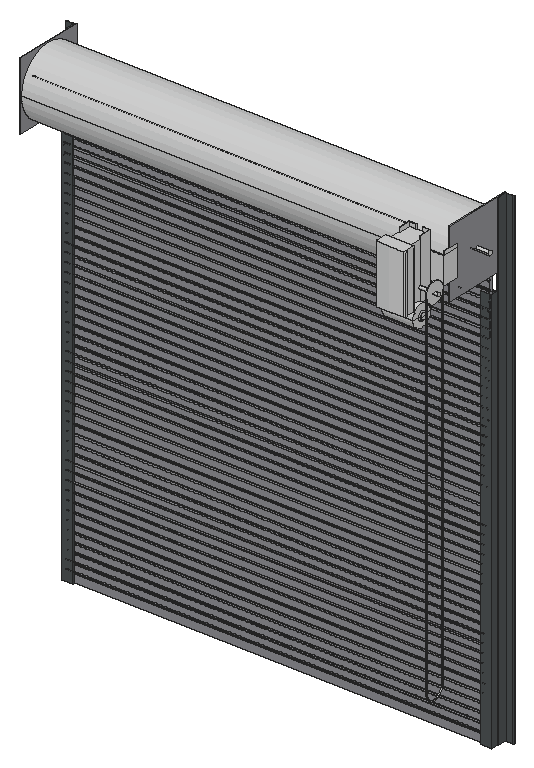
Revit family "Doors_Industrial_Overhead-Door-Corporation_Stormtite-HD-Insulated-Rolling-Steel-Service-Doors-625_", category Specialty Equipment, host Wall, Revit 2019 (continued)
Definition of nested family "Motor"
  Definition of nested family "2D_NotScalableMain_29e791da-3db9-4234-ab15-44456784202b"
    Lines and regions (in)
      Masking region 4, in view "Ref. Level", visible <- "Top + Bench"
        outline origin (0, 0, 0) x (1, 0, 0) y (0, 1, 0)
          loop
            line (-6.9985, -0.96741) -> (-5.7485, -0.96741) -> (-5.7485, -0.30491) -> (-5.5274, -0.30491) -> (-5.5274, -1.76746) -> (-5.42825, -1.86661) -> (-4.5757, -1.86661) -> (-4.5757, -3.22517) -> (4.57, -3.22517) -> (4.57, -1.27241) -> (4.799, -1.27241) -> (4.799, -0.84111) -> (5.199, -0.84111) -> (5.199, 0.84111) -> (4.799, 0.84111) -> (4.799, 1.27241) -> (4.57, 1.27241) -> (4.57, 3.22034) -> (4.3324, 3.22034) -> (4.3324, 6.13) -> (7.2495, 6.13) -> (7.2495, 3.53) -> (7.52, 3.53) -> (7.52, 6.13) -> (8.82, 6.13) -> (8.82, 6.93) -> (7.52, 6.93) -> (7.52, 9.53) -> (7.2495, 9.53) -> (7.2495, 6.93) -> (4.3324, 6.93) -> (4.3324, 19.24819) -> (3.108, 19.24819) -> (3.108, 20.0298) -> (0.988, 20.0298) -> (0.988, 19.24819) -> (-0.988, 19.24819) -> (-0.988, 20.0298) -> (-3.108, 20.0298) -> (-3.108, 19.24819) -> (-4.3324, 19.24819) -> (-4.3324, 3.22517) -> (-4.5757, 3.22517) -> (-4.5757, 1.86661) -> (-5.42825, 1.86661) -> (-5.5274, 1.76746) -> (-5.5274, 0.30491) -> (-5.7485, 0.30491) -> (-5.7485, 0.96741) -> (-6.9985, 0.96741) -> (-6.9985, -0.96741)
      Masking region 5, in view "Ref. Level", visible <- "Top Mount"
        outline origin (0, 0, 0) x (1, 0, 0) y (0, 1, 0)
          loop
            line (4.3324, 14.55771) -> (4.3324, 6.93) -> (7.2495, 6.93) -> (7.2495, 14.55771) -> (7.1295, 14.55771) -> (7.1295, 15.55771) -> (6.8795, 15.55771) -> (6.8795, 14.55771) -> (4.3324, 14.55771)
      Masking region 6, in view "Ref. Level", visible <- "Wall Mount"
        outline origin (0, 0, 0) x (1, 0, 0) y (0, 1, 0)
          loop
            line (-4.988, 4.96193) -> (-3.108, 4.96193) -> (-3.108, 1.46193) -> (-2.988, 1.46193) -> (-2.988, 5.08193) -> (-4.988, 5.08193) -> (-4.988, 4.96193)
          loop
            line (2.988, 1.46193) -> (3.108, 1.46193) -> (3.108, 4.96193) -> (4.988, 4.96193) -> (4.988, 5.08193) -> (2.988, 5.08193) -> (2.988, 1.46193)
      Masking region 7, in view "Ref. Level", visible <- "Bench Mount"
        outline origin (0, 0, 0) x (1, 0, 0) y (0, 1, 0)
          loop
            line (-7.24, 9.2698) -> (-7.1205, 9.2698) -> (-7.1205, 9.1098) -> (-4.3324, 9.1098) -> (-4.3324, 17.4298) -> (-7.1205, 17.4298) -> (-7.1205, 17.2698) -> (-7.24, 17.2698) -> (-7.24, 9.2698)
      Masking region 8, in view "Ref. Level", visible <- "Chain Hoist"
        outline origin (0, -6.98957, 0) x (1, 0, 0) y (0, 1, 0)
          loop
            line (4.7396, 6.58957) -> (7.2495, 6.58957) -> (7.2495, 3.98957) -> (7.52, 3.98957) -> (7.52, 6.58957) -> (8.82, 6.58957) -> (8.82, 7.38957) -> (7.52, 7.38957) -> (7.52, 9.98957) -> (7.2495, 9.98957) -> (7.2495, 7.38957) -> (4.7396, 7.38957) -> (4.7396, 6.58957)
      reference lines, in view "Ref. Level"
        curve 1: line (0, 0, 0) -> (0, 0.125, 0)
        curve 2: line (0, 0, 0) -> (0.125, 0, 0)
      detail lines, in view "Ref. Level", visible <- "Not Top + Bench"
        curve 3: line (7.2495, 4.19, 0) -> (7.2495, -1.81, 0)
        curve 4: line (7.52, 4.19, 0) -> (7.52, -1.81, 0)
        curve 5: line (-4.134, -2.29347, 0) -> (-4.134, -5.05565, 0)
        curve 6: line (4.116, -2.29347, 0) -> (4.116, -5.05565, 0)
        curve 7: line (-4.134, -2.41307, 0) -> (4.116, -2.41307, 0)
        curve 8: line (4.116, -2.29347, 0) -> (3.108, -2.29347, 0)
        curve 9: line (2.988, -2.17347, 0) -> (2.988, 4.96193, 0)
        curve 10: line (2.988, 4.96193, 0) -> (-2.988, 4.96193, 0)
        curve 11: line (-2.988, 4.96193, 0) -> (-2.988, -2.17347, 0)
        curve 12: arc (-2.988, -2.17347, 0) -> (-3.02315, -2.25832, 0) -> (-3.108, -2.29347, 0) r 0.12
        curve 13: arc (3.108, -2.29347, 0) -> (3.02315, -2.25832, 0) -> (2.988, -2.17347, 0) r 0.12
        curve 14: line (4.57, -3.22517, 0) -> (4.57, 0.77483, 0)
        curve 15: line (4.799, -1.27241, 0) -> (4.799, 0.77483, 0)
        curve 16: line (5.199, -0.84111, 0) -> (5.199, 0.77483, 0)
        curve 17: line (-4.5757, -3.22517, 0) -> (-4.5757, 3.22517, 0)
        curve 18: line (-5.42825, -1.86661, 0) -> (-5.42825, 1.86661, 0)
        curve 19: line (-5.5274, 1.76746, 0) -> (-5.5274, -1.76746, 0)
        curve 20: line (-5.7485, -0.96741, 0) -> (-5.7485, 0.96741, 0)
        curve 25: line (-4.116, -2.29347, 0) -> (-3.108, -2.29347, 0)
        curve 26: line (5.199, 0.77483, 0) -> (2.988, 0.77483, 0)
        curve 27: line (4.57, 1.59, 0) -> (3.108, 1.59, 0)
      detail lines, in view "Ref. Level", visible <- "Fire King Face Mount"
        curve 21: circle (0, 1.59, 0) r 1.29967 normal (0, 0, 1)
        curve 22: circle (0, 1.59, 0) r 0.87193 normal (0, 0, 1)
        curve 23: line (-2.988, 7.80693, 0) -> (2.988, 7.80693, 0)
        curve 24: line (-2.988, 7.685, 0) -> (2.988, 7.685, 0)
      detail lines, in view "Ref. Level", visible <- "Top + Bench"
        curve 28: line (-4.5757, -3.22517, 0) -> (-4.5757, 3.22517, 0)
        curve 29: line (-5.42825, 1.86661, 0) -> (-5.42825, -1.86661, 0)
        curve 30: line (-5.5274, 1.76746, 0) -> (-5.5274, -1.76746, 0)
        curve 31: line (-5.7485, -0.96741, 0) -> (-5.7485, 0.96741, 0)
        curve 32: line (-4.3324, 1.8898, 0) -> (-4.3324, 19.24819, 0)
        curve 33: line (-4.3324, 1.8898, 0) -> (4.3324, 1.8898, 0)
        curve 34: line (4.3324, 1.8898, 0) -> (4.3324, 19.24819, 0)
        curve 35: line (4.57, 3.22517, 0) -> (4.57, -3.22517, 0)
        curve 36: line (4.799, 1.27241, 0) -> (4.799, -1.22759, 0)
        curve 41: line (2.988, 20.0298, 0) -> (2.988, 19.24819, 0)
        curve 42: line (-2.988, 20.0298, 0) -> (-2.988, 19.24819, 0)
        curve 43: line (-3.108, 19.24819, 0) -> (-0.988, 19.24819, 0)
        curve 44: line (0.988, 19.24819, 0) -> (3.108, 19.24819, 0)
      detail lines, in view "Ref. Level", visible <- "Chain Hoist"
        curve 37: line (7.2495, 3, 0) -> (7.2495, -3, 0)
        curve 38: line (7.52, -3, 0) -> (7.52, 3, 0)
      detail lines, in view "Ref. Level", visible <- "Bench Mount"
        curve 39: line (-7.1205, 17.4298, 0) -> (-7.1205, 9.1098, 0)
        curve 40: line (-6.9985, 17.4298, 0) -> (-6.9985, 9.1098, 0)
    Dimensions and locks (in)
      curve 1 to curve 1 = 1/8"
      curve 2 to curve 2 = 1/8"
      aligned and locked: plane 1 "Center (Front/Back)" to curve 1
      aligned and locked: plane 3 "Center (Left/Right)" to curve 1
      aligned and locked: plane 1 "Center (Front/Back)" to curve 2
Definition of nested family "625"
  Parameters (values of type "Standard - Gray")
    Void Offset [instance] = if(Integrated Cutout, 0", 1")  # 1"
    Void Height [instance] = if(and([F 265, FE 265], Perforation), 1 1/2", 1")  # 1"
    Standard = yes
    Slat Width [instance] = 3/4"  # constant formula
    Slat Position + Offset [instance] = Slat Position + Cutout Vertical Offset  # 14.491"
    Slat Position [instance] = 2.63" * 5  # 13.15"
    Slat Option [instance] = 3
    Rough Height = 0"
    Perforation = no
    Fenestration Small = no
    Fenestration Large = no
    Cutout Width Offset [instance] = 1"  # constant formula
    Cutout Material 2 = none
    Cutout Horizontal Offset [instance] = 1"  # constant formula
    Cutout Material = none
    Panel Material = none
    Opening Width [instance] = 126"
    Cutout Vertical Offset [instance] = 1.341"  # constant formula
    F 265, FE 265 [instance] = if(Slat Option > 2, 1 = 1, 1 = 2)  # yes
    Default Elevation = 48"
    Integrated Cutout [instance] = if(and(or(Perforation, Fenestration Small), Slat Option > 1), 1 = 1, if(and(Fenestration Large, Slat Option > 2), 1 = 1, 1 = 2))  # no
    C 275 [instance] = if(Slat Option = 2, 1 = 1, 1 = 2)  # no
    C 187 Standard [instance] = if(Slat Option < 2, 1 = 1, 1 = 2)  # no
    Analytic Construction = "<None>"
  Types (16): name | Void Offset | Void Height | Standard | Perforation | Fenestration Small | Fenestration Large | Integrated Cutout
    Standard - White | 1" | 1" | yes | no | no | no | no
    Standard - Tan | 1" | 1" | yes | no | no | no | no
    Standard - Brown | 1" | 1" | yes | no | no | no | no
    Standard - Gray | 1" | 1" | yes | no | no | no | no
    Perforated - Brown | 0" | 1 1/2" | no | yes | no | no | yes
    Perforated - Gray | 0" | 1 1/2" | no | yes | no | no | yes
    Perforated - Tan | 0" | 1 1/2" | no | yes | no | no | yes
    Perforated - White | 0" | 1 1/2" | no | yes | no | no | yes
    Fenestration Small - White | 0" | 1" | no | no | yes | no | yes
    Fenestration Small - Tan | 0" | 1" | no | no | yes | no | yes
    Fenestration Small - Gray | 0" | 1" | no | no | yes | no | yes
    Fenestration Small - Brown | 0" | 1" | no | no | yes | no | yes
    Fenestration Large - Brown | 0" | 1" | no | no | no | yes | yes
    Fenestration Large - White | 0" | 1" | no | no | no | yes | yes
    Fenestration Large - Tan | 0" | 1" | no | no | no | yes | yes
    Fenestration Large - Gray | 0" | 1" | no | no | no | yes | yes
  Reference planes (in)
    plane 1 "Center (Front/Back)": y = 0
    plane 2: z = 0
    plane 3 "Center (Left/Right)": x = 0
    plane 4: x = -63
    plane 5: x = 63
    plane 6: y = 0.75
    plane 7: y = 0
    plane 8: y = 0.375
    plane 9: x = -62
    plane 10: x = 62
    plane 11: z = 1.341
    plane 12: z = 3.971
    plane 13: z = 6.601
    plane 14: z = 9.231
    plane 15: z = 11.861
  Forms (in)
    Extrusion 1, solid, material <- "Panel Material", visible <- "F 265, FE 265"
      sketch origin (0, -4.98186, 13.12534) x (0, 1, 0) y (0, 0, 1)
        loop
          arc (5.0988, -13.3083) -> (5.09929, -13.34104) -> (5.11348, -13.37055) r 0.07621
          line (5.11348, -13.37055) -> (5.62788, -13.53218)
          arc (5.62788, -13.53218) -> (5.6992, -13.52035) -> (5.73186, -13.45586) r 0.08
          line (5.73186, -13.45586) -> (5.73186, -11.01223)
          arc (5.73186, -11.01223) -> (5.70998, -10.95725) -> (5.6563, -10.93235) r 0.08
          line (5.6563, -10.93235) -> (5.15805, -10.90465)
          arc (5.15805, -10.90465) -> (5.1326, -10.89411) -> (5.12205, -10.86866) r 0.03599
          line (5.12205, -10.86866) -> (5.14644, -10.75537) -> (5.62788, -10.90665)
          arc (5.62788, -10.90665) -> (5.6992, -10.89482) -> (5.73186, -10.83033) r 0.08
          line (5.73186, -10.83033) -> (5.73186, -8.38669)
          arc (5.73186, -8.38669) -> (5.70998, -8.33172) -> (5.6563, -8.30682) r 0.08
          line (5.6563, -8.30682) -> (5.15803, -8.27913)
          arc (5.15803, -8.27913) -> (5.13258, -8.26859) -> (5.12203, -8.24314) r 0.036
          line (5.12203, -8.24314) -> (5.14608, -8.12972) -> (5.62788, -8.28112)
          arc (5.62788, -8.28112) -> (5.6992, -8.26929) -> (5.73186, -8.2048) r 0.08
          line (5.73186, -8.2048) -> (5.73186, -5.76116)
          arc (5.73186, -5.76116) -> (5.70998, -5.70618) -> (5.6563, -5.68128) r 0.08
          line (5.6563, -5.68128) -> (5.15805, -5.65358)
          arc (5.15805, -5.65358) -> (5.1326, -5.64304) -> (5.12205, -5.61759) r 0.03599
          line (5.12205, -5.61759) -> (5.14644, -5.50431) -> (5.62788, -5.65558)
          arc (5.62788, -5.65558) -> (5.6992, -5.64376) -> (5.73186, -5.57926) r 0.08
          line (5.73186, -5.57926) -> (5.73186, -3.13563)
          arc (5.73186, -3.13563) -> (5.70998, -3.08065) -> (5.6563, -3.05575) r 0.08
          line (5.6563, -3.05575) -> (5.15803, -3.02807)
          arc (5.15803, -3.02807) -> (5.13258, -3.01752) -> (5.12203, -2.99207) r 0.036
          line (5.12203, -2.99207) -> (5.14608, -2.87866) -> (5.62788, -3.03005)
          arc (5.62788, -3.03005) -> (5.6992, -3.01822) -> (5.73186, -2.95373) r 0.08
          line (5.73186, -2.95373) -> (5.73186, -0.51008)
          arc (5.73186, -0.51008) -> (5.7099, -0.45503) -> (5.65608, -0.4302) r 0.08
          line (5.65608, -0.4302) -> (5.15717, -0.40384)
          arc (5.15717, -0.40384) -> (5.13253, -0.39363) -> (5.12232, -0.36899) r 0.03484
          line (5.12232, -0.36899) -> (5.17373, -0.11725)
          arc (5.17373, -0.11725) -> (5.57105, 0.04334) -> (5.14251, 0.04602) r 0.21842
          line (5.14251, 0.04602) -> (4.98186, -0.36586) -> (4.98186, -2.1875) -> (5.67186, -2.1875) -> (5.67186, -2.94108)
          arc (5.67186, -2.94108) -> (5.65961, -2.96526) -> (5.63287, -2.9697) r 0.03
          line (5.63287, -2.9697) -> (5.15787, -2.82044) -> (5.17381, -2.74238)
          arc (5.17381, -2.74238) -> (5.57162, -2.58338) -> (5.14325, -2.57763) r 0.21842
          line (5.14325, -2.57763) -> (4.98186, -2.99139) -> (4.98186, -4.81121) -> (5.67186, -4.81121) -> (5.67186, -5.56661)
          arc (5.67186, -5.56661) -> (5.65961, -5.5908) -> (5.63287, -5.59523) r 0.03
          line (5.63287, -5.59523) -> (5.15819, -5.44608) -> (5.17407, -5.36831)
          arc (5.17407, -5.36831) -> (5.57157, -5.20867) -> (5.14325, -5.20316) r 0.21842
          line (5.14325, -5.20316) -> (4.98186, -5.61692) -> (4.98186, -7.43675) -> (5.67186, -7.43675) -> (5.67186, -8.19214)
          arc (5.67186, -8.19214) -> (5.65961, -8.21633) -> (5.63287, -8.22076) r 0.03
          line (5.63287, -8.22076) -> (5.15787, -8.07151) -> (5.17381, -7.99345)
          arc (5.17381, -7.99345) -> (5.57162, -7.83444) -> (5.14325, -7.82869) r 0.21842
          line (5.14325, -7.82869) -> (4.98186, -8.24245) -> (4.98186, -10.06228) -> (5.67186, -10.06228) -> (5.67186, -10.81768)
          arc (5.67186, -10.81768) -> (5.65961, -10.84186) -> (5.63287, -10.8463) r 0.03
          line (5.63287, -10.8463) -> (5.15819, -10.69714) -> (5.17407, -10.61938)
          arc (5.17407, -10.61938) -> (5.57157, -10.45974) -> (5.14325, -10.45422) r 0.21842
          line (5.14325, -10.45422) -> (4.98186, -10.86799) -> (4.98186, -12.68781) -> (5.67186, -12.68781) -> (5.67186, -13.44321)
          arc (5.67186, -13.44321) -> (5.65961, -13.46739) -> (5.63287, -13.47183) r 0.03
          line (5.63287, -13.47183) -> (5.15787, -13.32257) -> (5.17381, -13.24451)
          arc (5.17381, -13.24451) -> (5.57144, -13.08456) -> (5.14285, -13.08164) r 0.21842
          line (5.14285, -13.08164) -> (5.09633, -13.30779)
      from -63 to 63
    Extrusion 2, void
      sketch origin (0, 0.5, 0) x (0, 1, 0) y (0, 0, 1)
        loop
          line (0.5, 1.841) -> (0.5, 0.841) -> (1.25, 0.841) -> (1.25, 1.841) -> (0.5, 1.841)
        loop
          line (0.5, 4.471) -> (0.5, 3.471) -> (1.25, 3.471) -> (1.25, 4.471) -> (0.5, 4.471)
        loop
          line (0.5, 7.101) -> (0.5, 6.101) -> (1.25, 6.101) -> (1.25, 7.101) -> (0.5, 7.101)
        loop
          line (0.5, 9.731) -> (0.5, 8.731) -> (1.25, 8.731) -> (1.25, 9.731) -> (0.5, 9.731)
        loop
          line (0.5, 12.361) -> (0.5, 11.361) -> (1.25, 11.361) -> (1.25, 12.361) -> (0.5, 12.361)
      from -62 to 62
  Cuts and joins
    Extrusion 2 cuts Extrusion 1
  Lines and regions (in)
    reference lines
      curve 1: line (0, -4.98186, 12.78) -> (0, 10.2077, 12.78)
  Dimensions and locks (in)
    equal spacing: plane 4, plane 3 "Center (Left/Right)", plane 5
    "Opening Width": plane 4 to plane 5
    "Slat Width": plane 1 "Center (Front/Back)" to plane 6
    equal spacing: plane 1 "Center (Front/Back)", plane 8, plane 6
    "Cutout Width Offset": plane 4 to plane 9
    "Cutout Width Offset": plane 5 to plane 10
    "Void Height": Extrusion 2 sketch curve to Extrusion 2 sketch curve  (x5)
    "Slat Width": Extrusion 2 sketch curve to Extrusion 2 sketch curve
    locked: curve 1 to curve 1 at 15.18956
    locked: plane 12 to plane 11 at 2.63
    locked: plane 13 to plane 12 at 2.63
    locked: plane 14 to plane 13 at 2.63
    locked: plane 15 to plane 14 at 2.63
    "Void Offset": plane 6 to Extrusion 2 sketch curve
    locked: plane 11 to level at 1.341
    locked: curve 1 to level at 12.78
    aligned and locked: plane 2 to level
    aligned and locked: plane 1 "Center (Front/Back)" to plane 7
    aligned and locked: plane 5 to Extrusion 1
    aligned and locked: plane 4 to Extrusion 1
    aligned and locked: plane 3 "Center (Left/Right)" to nested 1
    aligned and locked: Extrusion 2 sketch curve to Extrusion 2 sketch curve  (x8)
    aligned and locked: plane 9 to Extrusion 2
    aligned and locked: plane 10 to Extrusion 2
    aligned and locked: plane 3 "Center (Left/Right)" to nested 2
    aligned and locked: plane 3 "Center (Left/Right)" to nested 3
    aligned and locked: plane 3 "Center (Left/Right)" to nested 4
    aligned and locked: plane 3 "Center (Left/Right)" to nested 5
  Automatic sketch dimensions
    curve 1 to Extrusion 1 sketch curve = 4.98186"  (x2)
    curve 1 to Extrusion 1 sketch curve = 0.02051"
    Extrusion 1 sketch curve to Extrusion 1 sketch curve = 0"  (x4)
    Extrusion 1 sketch curve to Extrusion 1 sketch curve = 0.13162"
    Extrusion 1 sketch curve to Extrusion 1 sketch curve = 0.14017"  (x2)
    Extrusion 1 sketch curve to Extrusion 1 sketch curve = 0.14019"  (x2)
    curve 1 to Extrusion 1 sketch curve = 0.02365"
    Extrusion 1 sketch curve to Extrusion 1 sketch curve = 0.14046"
    Extrusion 1 sketch curve to curve 1 = 0.39136"
    Extrusion 1 sketch curve to Extrusion 1 sketch curve = 0.02019"
    Extrusion 1 sketch curve to Extrusion 1 sketch curve = 0.02119"  (x2)
    curve 1 to Extrusion 1 sketch curve = 2.23228"
    Extrusion 1 sketch curve to Extrusion 1 sketch curve = 0.02122"  (x2)
    Extrusion 1 sketch curve to Extrusion 1 sketch curve = 0.02405"  (x2)
    Extrusion 1 sketch curve to Extrusion 1 sketch curve = 0.02439"  (x2)
    curve 1 to Extrusion 1 sketch curve = 0.05849"
    Extrusion 1 sketch curve to Extrusion 1 sketch curve = 0.04439"
    Extrusion 1 sketch curve to Extrusion 1 sketch curve = 0.01179"  (x2)
    Extrusion 1 sketch curve to Extrusion 1 sketch curve = 0.036"  (x2)
    curve 1 to Extrusion 1 sketch curve = 2.68272"
    Extrusion 1 sketch curve to Extrusion 1 sketch curve = 0.03599"  (x2)
    Extrusion 1 sketch curve to Extrusion 1 sketch curve = 0.01175"  (x2)
    Extrusion 1 sketch curve to Extrusion 1 sketch curve = 0.0156"
    Extrusion 1 sketch curve to curve 1 = 0.2281"
    Extrusion 1 sketch curve to Extrusion 1 sketch curve = 0.03122"
    curve 1 to Extrusion 1 sketch curve = 2.39704"
    Extrusion 1 sketch curve to Extrusion 1 sketch curve = 0.01594"  (x2)
    Extrusion 1 sketch curve to Extrusion 1 sketch curve = 0.00034"  (x2)
    Extrusion 1 sketch curve to Extrusion 1 sketch curve = 0.01588"  (x2)
    Extrusion 1 sketch curve to Extrusion 1 sketch curve = 0.18279"  (x2)
    Extrusion 1 sketch curve to Extrusion 1 sketch curve = 0.18305"  (x2)
    Extrusion 1 sketch curve to Extrusion 1 sketch curve = 0.21361"  (x2)
    Extrusion 1 sketch curve to Extrusion 1 sketch curve = 0.46983"  (x2)
    Extrusion 1 sketch curve to Extrusion 1 sketch curve = 0.27102"
    curve 1 to Extrusion 1 sketch curve = 2.68471"
    Extrusion 1 sketch curve to Extrusion 1 sketch curve = 0.46985"  (x2)
    Extrusion 1 sketch curve to Extrusion 1 sketch curve = 0.00499"  (x5)
    Extrusion 1 sketch curve to Extrusion 1 sketch curve = 0.00899"  (x5)
    Extrusion 1 sketch curve to Extrusion 1 sketch curve = 0.02398"  (x4)
    Extrusion 1 sketch curve to Extrusion 1 sketch curve = 0.49469"
    Extrusion 1 sketch curve to Extrusion 1 sketch curve = 0.01"  (x5)
    curve 1 to Extrusion 1 sketch curve = 0.08485"
    Extrusion 1 sketch curve to Extrusion 1 sketch curve = 0.00422"
    Extrusion 1 sketch curve to Extrusion 1 sketch curve = 0.02842"  (x4)
    curve 1 to Extrusion 1 sketch curve = 2.71041"
    Extrusion 1 sketch curve to Extrusion 1 sketch curve = 0.315"  (x4)
    Extrusion 1 sketch curve to Extrusion 1 sketch curve = 0.02"
    Extrusion 1 sketch curve to Extrusion 1 sketch curve = 0.08"  (x2)
    Extrusion 1 sketch curve to Extrusion 1 sketch curve = 0.06"
    Extrusion 1 sketch curve to Extrusion 1 sketch curve = 1.67559"  (x2)
    Extrusion 1 sketch curve to Extrusion 1 sketch curve = 0.39195"  (x3)
    Extrusion 1 sketch curve to Extrusion 1 sketch curve = 0.04559"  (x3)
    Extrusion 1 sketch curve to Extrusion 1 sketch curve = 0.07776"  (x2)
    Extrusion 1 sketch curve to Extrusion 1 sketch curve = 0.05823"  (x2)
    Extrusion 1 sketch curve to Extrusion 1 sketch curve = 0.11262"  (x2)
    Extrusion 1 sketch curve to Extrusion 1 sketch curve = 29/256"  (x2)
    Extrusion 1 sketch curve to Extrusion 1 sketch curve = 0.07806"  (x2)
    Extrusion 1 sketch curve to Extrusion 1 sketch curve = 0.05822"
    Extrusion 1 sketch curve to Extrusion 1 sketch curve = 0.11273"
    Extrusion 1 sketch curve to Extrusion 1 sketch curve = 0.11341"
    Extrusion 1 sketch curve to Extrusion 1 sketch curve = 1.78314"
    Extrusion 1 sketch curve to Extrusion 1 sketch curve = 1.78316"
    Extrusion 1 sketch curve to Extrusion 1 sketch curve = 0.43753"
    Extrusion 1 sketch curve to Extrusion 1 sketch curve = 0.11917"
    Extrusion 1 sketch curve to Extrusion 1 sketch curve = 0.00097"
    Extrusion 1 sketch curve to Extrusion 1 sketch curve = 0.04797"
    Extrusion 1 sketch curve to Extrusion 1 sketch curve = 0.00068"
    Extrusion 1 sketch curve to Extrusion 1 sketch curve = 0.01597"
    Extrusion 1 sketch curve to Extrusion 1 sketch curve = 0.43571"
    Extrusion 1 sketch curve to Extrusion 1 sketch curve = 0.06154"
    Extrusion 1 sketch curve to Extrusion 1 sketch curve = 0.00247"
    Extrusion 1 sketch curve to Extrusion 1 sketch curve = 0.0313"
    Extrusion 1 sketch curve to Extrusion 1 sketch curve = 0.0005"
    plane 1 "Center (Front/Back)" to curve 1 = 4.98186"
    plane 14 to Extrusion 2 sketch curve = 1/2"
    plane 13 to Extrusion 2 sketch curve = 1/2"
    plane 12 to Extrusion 2 sketch curve = 1/2"
    plane 11 to Extrusion 2 sketch curve = 1/2"
    Extrusion 2 sketch curve to plane 15 = 1/2"
  Nested families (in)
    nested 1: "Perforation" at (0, 0.375, 1.341), visible <- "Integrated Cutout", type "Perforation"
    nested 2: "Perforation" at (0, 0.375, 3.971), visible <- "Integrated Cutout", type "Perforation"
    nested 3: "Perforation" at (0, 0.375, 6.601), visible <- "Integrated Cutout", type "Perforation"
    nested 4: "Perforation" at (0, 0.375, 9.231), visible <- "Integrated Cutout", type "Perforation"
    nested 5: "Perforation" at (0, 0.375, 11.861), visible <- "Integrated Cutout", type "Perforation"
  Definition of nested family "Perforation"
    Parameters (values of type "Perforation")
      Thickness = 3/4"
      Perforation = none
      Opening Width = 126"
      Offset = 1"
      Height = 1"
      Default Elevation = 48"
    Reference planes (in)
      plane 1 "Center (Front/Back)": y = 0
      plane 2: z = 0
      plane 3 "Center (Left/Right)": x = 0
      plane 4: z = 0.5
      plane 5: z = -0.5
      plane 6: y = -0.375
      plane 7: y = 0.375
      plane 8: x = -63
      plane 9: x = 63
      plane 10: x = -62
      plane 11: x = 62
    Forms (in)
      Extrusion 1, solid, material <- "Perforation"
        sketch origin (0, -0.19, 0) x (0, 1, 0) y (0, 0, 1)
          loop
            line (-0.185, 0.5) -> (-0.185, -0.5) -> (0.565, -0.5) -> (0.565, 0.5) -> (-0.185, 0.5)
        from -62 to 62
    Dimensions and locks (in)
      equal spacing: plane 4, level, plane 5
      "Height": plane 4 to plane 5
      equal spacing: plane 6, plane 1 "Center (Front/Back)", plane 7
      "Thickness": plane 6 to plane 7
      "Opening Width": plane 8 to plane 9
      "Offset": plane 8 to plane 10
      "Offset": plane 9 to plane 11
      equal spacing: plane 8, plane 3 "Center (Left/Right)", plane 9
      aligned and locked: plane 2 to level
      aligned and locked: plane 4 to Extrusion 1
      aligned and locked: Extrusion 1 to plane 5
      aligned and locked: plane 6 to Extrusion 1
      aligned and locked: plane 7 to Extrusion 1
      aligned and locked: Extrusion 1 to plane 10
      aligned and locked: plane 11 to Extrusion 1
    Automatic sketch dimensions
      Extrusion 1 sketch curve to level = 1/2"
      plane 1 "Center (Front/Back)" to Extrusion 1 sketch curve = 3/8"
      Extrusion 1 sketch curve to plane 1 "Center (Front/Back)" = 3/8"
      plane 4 to Extrusion 1 sketch curve = 0"
Definition of nested family "Label Annotation 1"
  Parameters (values of type "Label Annotation 1-8")
    Label = "Area is too big. Please reduce Door Size."
  Reference planes (in)
    plane 1: y = 0
    plane 2: x = 0
  Text (in)
    label "Label" at (0.00375, -0.00345, 0), shows "Label"
Definition of nested family "Warning Sign"
  Parameters (values of type "Warning Sign")
    Warning Sign [instance] = no
    Default Elevation = 48"
  Reference planes (in)
    plane 1 "Center (Front/Back)": y = 0
    plane 2: z = 0
    plane 3 "Center (Left/Right)": x = 0
    plane 4: y = 0.5
    plane 5: y = -0.5
    plane 6: y = 1
    plane 7: y = 0.25
  Lines and regions (in)
    model lines
      curve 1: line (-2.26129, 1, 45.69444) -> (-26.3817, 1, 3.91667)
      curve 2: line (-25.25106, 1, 3.26389) -> (-1.13064, 1, 45.04167)
      curve 3: arc (2.26129, 1, 45.69444) -> (0, 1, 47) -> (-2.26129, 1, 45.69444) r 2.61111
      curve 4: arc (-1.13064, 1, 45.04167) -> (0, 1, 45.69444) -> (1.13064, 1, 45.04167) r 1.30556
      curve 5: line (1.13064, 1, 45.04167) -> (25.25106, 1, 3.26389)
      curve 6: line (26.3817, 1, 3.91667) -> (2.26129, 1, 45.69444)
      curve 7: arc (25.25106, 1, 3.26389) -> (25.25106, 1, 1.95833) -> (24.12041, 1, 1.30556) r 1.30556
      curve 8: arc (24.12041, 1, 0) -> (26.3817, 1, 1.30556) -> (26.3817, 1, 3.91667) r 2.61111
      curve 9: line (24.12041, 1, 1.30556) -> (-24.12041, 1, 1.30556)
      curve 10: line (-24.12041, 1, 0) -> (24.12041, 1, 0)
      curve 11: arc (-24.12041, 1, 1.30556) -> (-25.25106, 1, 1.95833) -> (-25.25106, 1, 3.26389) r 1.30556
      curve 12: arc (-26.3817, 1, 3.91667) -> (-26.3817, 1, 1.30556) -> (-24.12041, 1, 0) r 2.61111
      curve 13: arc (-2.29479, 1, 8.63537) -> (0, 1, 6.34057) -> (2.29479, 1, 8.63537) r 2.29479
      curve 14: arc (2.29479, 1, 8.63537) -> (0, 1, 10.93016) -> (-2.29479, 1, 8.63537) r 2.29479
      curve 15: arc (-1.6331, 1, 13.97069) -> (0.03439, 1, 12.53727) -> (1.69278, 1, 13.98121) r 1.68043
      curve 16: line (-3.77413, 1, 28.37873) -> (-1.6331, 1, 13.97069)
      curve 17: line (1.69278, 1, 13.98121) -> (3.73924, 1, 28.37873)
      curve 18: arc (3.73924, 1, 28.37873) -> (-0.01745, 1, 32.13541) -> (-3.77413, 1, 28.37873) r 3.75668
      curve 19: line (-2.26129, -0.5, 45.69444) -> (-26.3817, -0.5, 3.91667)
      curve 20: line (-25.25106, -0.5, 3.26389) -> (-1.13064, -0.5, 45.04167)
      curve 21: arc (2.26129, -0.5, 45.69444) -> (0, -0.5, 47) -> (-2.26129, -0.5, 45.69444) r 2.61111
      curve 22: arc (-1.13064, -0.5, 45.04167) -> (0, -0.5, 45.69444) -> (1.13064, -0.5, 45.04167) r 1.30556
      curve 23: line (1.13064, -0.5, 45.04167) -> (25.25106, -0.5, 3.26389)
      curve 24: line (26.3817, -0.5, 3.91667) -> (2.26129, -0.5, 45.69444)
      curve 25: arc (25.25106, -0.5, 3.26389) -> (25.25106, -0.5, 1.95833) -> (24.12041, -0.5, 1.30556) r 1.30556
      curve 26: arc (24.12041, -0.5, 0) -> (26.3817, -0.5, 1.30556) -> (26.3817, -0.5, 3.91667) r 2.61111
      curve 27: line (24.12041, -0.5, 1.30556) -> (-24.12041, -0.5, 1.30556)
      curve 28: line (-24.12041, -0.5, 0) -> (24.12041, -0.5, 0)
      curve 29: arc (-24.12041, -0.5, 1.30556) -> (-25.25106, -0.5, 1.95833) -> (-25.25106, -0.5, 3.26389) r 1.30556
      curve 30: arc (-26.3817, -0.5, 3.91667) -> (-26.3817, -0.5, 1.30556) -> (-24.12041, -0.5, 0) r 2.61111
      curve 31: arc (-2.29479, -0.5, 8.63537) -> (0, -0.5, 6.34057) -> (2.29479, -0.5, 8.63537) r 2.29479
      curve 32: arc (2.29479, -0.5, 8.63537) -> (0, -0.5, 10.93016) -> (-2.29479, -0.5, 8.63537) r 2.29479
      curve 33: arc (-1.6331, -0.5, 13.97069) -> (0.03439, -0.5, 12.53727) -> (1.69278, -0.5, 13.98121) r 1.68043
      curve 34: line (-3.77413, -0.5, 28.37873) -> (-1.6331, -0.5, 13.97069)
      curve 35: line (1.69278, -0.5, 13.98121) -> (3.73924, -0.5, 28.37873)
      curve 36: arc (3.73924, -0.5, 28.37873) -> (-0.01745, -0.5, 32.13541) -> (-3.77413, -0.5, 28.37873) r 3.75668
  Dimensions and locks (in)
    locked: plane 1 "Center (Front/Back)" to plane 4 at 0.5
    equal spacing: plane 1 "Center (Front/Back)", plane 7, plane 4
    locked: plane 4 to plane 6 at 0.5
    locked: plane 5 to plane 1 "Center (Front/Back)" at 0.5
    aligned and locked: plane 2 to level
  Automatic sketch dimensions
    curve 21 to curve 22 = 0"  (x2)
    curve 25 to curve 26 = 0"  (x2)
    curve 29 to curve 30 = 0"  (x2)
    curve 31 to curve 32 = 0"  (x2)
    curve 21 to plane 3 "Center (Left/Right)" = 0"
    curve 31 to plane 3 "Center (Left/Right)" = 0"
    curve 30 to level = 0"
    level to curve 27 = 1.30556"
    curve 26 to curve 27 = 1.30556"
    curve 29 to curve 27 = 1.30556"
    curve 23 to curve 25 = 0.65278"
    curve 20 to curve 29 = 0.65278"
    curve 24 to curve 23 = 0.65278"
    curve 19 to curve 20 = 0.65278"
    level to curve 32 = 8.63537"
    curve 34 to plane 3 "Center (Left/Right)" = 1.6331"
    curve 34 to curve 31 = 5.33532"
    plane 3 "Center (Left/Right)" to curve 35 = 1.69278"
    curve 35 to curve 34 = 0.01052"
    plane 3 "Center (Left/Right)" to curve 33 = 0.02908"
    curve 36 to plane 3 "Center (Left/Right)" = 0.01745"
    curve 36 to curve 33 = 14.16104"
    curve 22 to curve 36 = 16.01016"
    plane 3 "Center (Left/Right)" to curve 23 = 1.13064"
    curve 23 to curve 21 = 0.65278"
    curve 20 to plane 3 "Center (Left/Right)" = 1.13064"
    plane 3 "Center (Left/Right)" to curve 24 = 2.26129"
    curve 24 to curve 22 = 0.65278"
    curve 19 to plane 3 "Center (Left/Right)" = 2.26129"
    curve 34 to curve 36 = 3.75668"
    curve 30 to plane 3 "Center (Left/Right)" = 24.12041"
    plane 3 "Center (Left/Right)" to curve 25 = 24.12041"
    curve 31 to curve 31 = 2.29479"
    curve 3 to curve 4 = 0"  (x2)
    curve 7 to curve 8 = 0"  (x2)
    curve 11 to curve 12 = 0"  (x2)
    curve 13 to curve 14 = 0"  (x2)
    curve 3 to plane 3 "Center (Left/Right)" = 0"
    curve 13 to plane 3 "Center (Left/Right)" = 0"
    curve 12 to level = 0"
    level to curve 9 = 1.30556"
    curve 8 to curve 9 = 1.30556"
    curve 11 to curve 9 = 1.30556"
    curve 5 to curve 7 = 0.65278"
    curve 2 to curve 11 = 0.65278"
    curve 6 to curve 5 = 0.65278"
    curve 1 to curve 2 = 0.65278"
    level to curve 14 = 8.63537"
    curve 16 to plane 3 "Center (Left/Right)" = 1.6331"
    curve 16 to curve 13 = 5.33532"
    plane 3 "Center (Left/Right)" to curve 17 = 1.69278"
    curve 17 to curve 16 = 0.01052"
    plane 3 "Center (Left/Right)" to curve 15 = 0.02908"
    curve 18 to plane 3 "Center (Left/Right)" = 0.01745"
    curve 18 to curve 15 = 14.16104"
    curve 4 to curve 18 = 16.01016"
    plane 3 "Center (Left/Right)" to curve 5 = 1.13064"
    curve 5 to curve 3 = 0.65278"
    curve 2 to plane 3 "Center (Left/Right)" = 1.13064"
    plane 3 "Center (Left/Right)" to curve 6 = 2.26129"
    curve 6 to curve 4 = 0.65278"
    curve 1 to plane 3 "Center (Left/Right)" = 2.26129"
    curve 16 to curve 18 = 3.75668"
    curve 12 to plane 3 "Center (Left/Right)" = 24.12041"
    plane 3 "Center (Left/Right)" to curve 7 = 24.12041"
    curve 13 to curve 13 = 2.29479"
Types (6): name | Voltage | Operator Visibility | Number of Poles | Hood Offset | Headroom Height Real | Headroom Height | Door Height True | Door Height (Real) | Floor To (CL) of Shaft | Chain Hoist or Manual | Connector Array | Calculated Area | Apparent Load Phase 3 | Apparent Load Phase 2 | Apparent Load Phase 1
  115 volts, one phase, 60 Hz (110-120V range) | 115 V | yes | 1 | 5" | 25" | 25" | 145" | 125" | 135" | no | 3 | 104.601 SF | 0 VA | 0 VA | 2300 VA
  Chain Hoist | 115 V | yes | 1 | 3" | 23" | 23" | 143" | 123" | 133" | yes | 2 | 102.927 SF | 0 VA | 0 VA | 2300 VA
  Manual push-up | 115 V | no | 1 | 3" | 23" | 23" | 143" | 123" | 133" | yes | 2 | 102.927 SF | 0 VA | 0 VA | 2300 VA
  230 volts, three phase, 60 Hz (208-245V range) | 230 V | yes | 3 | 5" | 25" | 25" | 145" | 125" | 135" | no | 3 | 104.601 SF | 2655.81 VA | 2655.81 VA | 2655.81 VA
  230 volts, single phase, 60 Hz (208-245V range) | 230 V | yes | 1 | 5" | 25" | 25" | 145" | 125" | 135" | no | 3 | 104.601 SF | 0 VA | 0 VA | 4600 VA
  460 volts, three phase, 60 Hz (456-495V range) | 460 V | yes | 3 | 5" | 25" | 25" | 145" | 125" | 135" | no | 3 | 104.601 SF | 5311.62 VA | 5311.62 VA | 5311.62 VA
